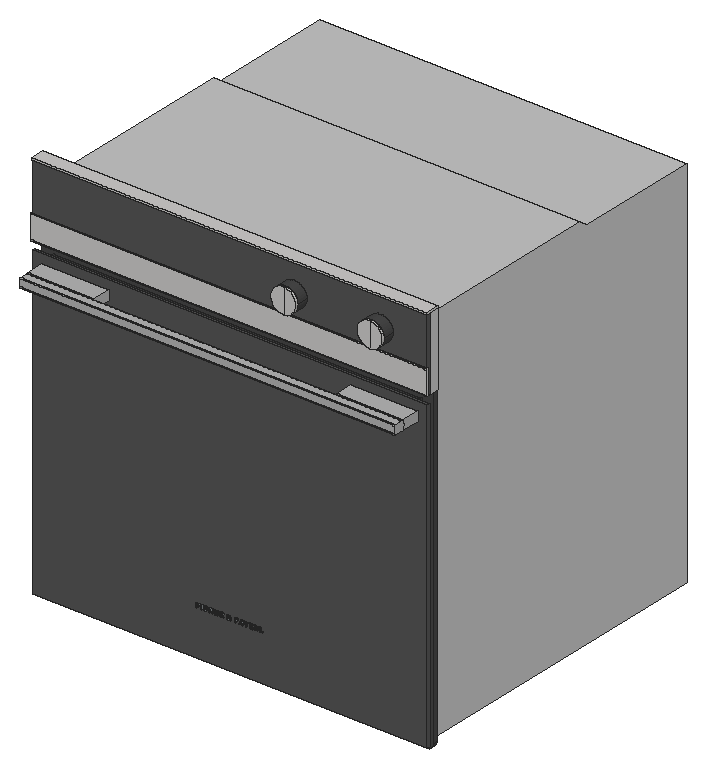
Revit family "FP-Revit18-OB60SC7CEPX3-Oven-0-AU-90002662A", category Specialty Equipment, Revit 2018
Family settings
  Round Connector Dimension = Use Diameter
  Part Type = Normal
  OmniClass Number = 23.40.40.14.17.11
  OmniClass Title = Cookers, Ovens, Stoves
  Work Plane-Based = No
  Always vertical = Yes
  Cut with Voids When Loaded = Yes
  Shared = No
  Room Calculation Point = No
Parameters (values of type "OB60SC7CEPX3")
  Visibility - Clearance Required = yes
  URL = "www.fisherpaykel.com"
  Product - Width = 597 mm  # constant formula
  Product - Height = 598 mm  # constant formula
  Product - Depth = 565 mm  # constant formula
  Model = "OB60SC7CEPX3"
  Material - Trim = Fisher & Paykel - Stainless Steel
  Material - Structure = Fisher & Paykel - Black
  Material - Logo = Fisher & Paykel - Graphics Grey
  Material - Handle = Fisher & Paykel - Aluminium
  Material - Glass = Fisher & Paykel - Glass, Black
  Material - Buttons and Dials = Fisher & Paykel - Stainless Steel
  Material - Body = Fisher & Paykel - Grey
  Manufacturer = "Fisher & Paykel Appliances"
  FFL Offset [instance] = 200 mm
  Description = "60cm Built-In Oven"
  Connector Note - Electrical = "220-240 V, 12.8-13.8 A, 50 Hz"
  Chassis - Width = 552 mm  # constant formula
  Chassis - Height = 575 mm  # constant formula
  Chassis - Depth = 545 mm  # constant formula
  Cavity - Width = 560 mm  # constant formula
  Cavity - Height = 580 mm  # constant formula
  Cavity - Depth = 550 mm  # constant formula
Reference planes
  plane 1 "Datum": y = 0
  plane 2: z = 0
  plane 3 "Center (Left/Right)": x = 0
  plane 4 "Cavity": z = 780
  plane 5 "Product Height": z = 798
  plane 6 "Product LHS": x = -298.5
  plane 7 "Product RHS": x = 298.5
  plane 8 "Cavity LHS": x = -300
  plane 9 "Cavity RHS": x = 300
  plane 10 "Cavity - Depth": y = 550
  plane 11 "Product Depth": y = 545
  plane 12 "Front Face": y = -20
  plane 13 "FFL Offset": z = 200
  plane 14 "Cavity Height": z = 800
Forms (mm)
  Extrusion 1, solid, material "Fisher & Paykel - Grey" <- "Material - Body"
    sketch origin (0, 0, 0) x (0, 1, 0) y (0, 0, 1)
      loop
        line (0, 200) -> (525, 200) -> (525, 393.99) -> (545, 413.99) -> (545, 609.73) -> (495, 659.73) -> (495, 764.6) -> (307.721, 764.6) -> (293.958, 775) -> (0, 775) -> (0, 200)
    from -276 to 276
  Extrusion 2, void
    sketch origin (0, 0, 0) x (1, 0, 0) y (0, 1, 0)
      loop
        line (-278.5, 495) -> (-229.63, 495) -> (-179.63, 545) -> (-278.5, 545) -> (-278.5, 495)
      loop
        line (278.5, 495) -> (278.5, 545) -> (94.617, 545) -> (114.617, 525) -> (199.13, 525) -> (229.13, 495) -> (278.5, 495)
    from 200 to 764.6
  Extrusion 3, solid, material "Fisher & Paykel - Stainless Steel" <- "Material - Trim"
    sketch origin (0, 0, 0) x (0, 1, 0) y (0, 0, 1)
      loop
        line (0, 798) -> (-20.5, 798) -> (-20.5, 795.1) -> (0, 795.1) -> (0, 798)
    from -297.35 to 297.35
  Extrusion 4, solid, material "Fisher & Paykel - Grey" <- "Material - Body"
    sketch origin (0, 0, 0) x (0, 1, 0) y (0, 0, 1)
      loop
        line (-16, 795.1) -> (-16, 685.199) -> (0, 685.199) -> (0, 795.1) -> (-16, 795.1)
    from -297.35 to 297.35
  Extrusion 5, solid, material "Fisher & Paykel - Glass, Black" <- "Material - Glass"
    sketch origin (0, 0, 0) x (1, 0, 0) y (0, 0, 1)
      loop
        line (-297.25, 673.199) -> (-297.25, 210.2) -> (297.25, 210.2) -> (297.25, 673.199) -> (-297.25, 673.199)
      loop
        line (-297.35, 686.052) -> (297.35, 686.052) -> (297.35, 794.5) -> (-297.35, 794.5) -> (-297.35, 686.052)
    from 16 to 20
  Extrusion 6, solid, material "Fisher & Paykel - Black" <- "Material - Structure"
    sketch origin (0, 0, 0) x (0, 1, 0) y (0, 0, 1)
      loop
        line (-13.8, 671.699) -> (-16, 671.699) -> (-16, 212.7) -> (-5, 212.7) -> (-5, 668.496) -> (-13.8, 671.699)
    from -277 to 277
  Extrusion 7, solid, material "Fisher & Paykel - Black" <- "Material - Structure"
    sketch origin (0, 0, 0) x (1, 0, 0) y (0, 0, 1)
      loop
        line (-295.5, 685.199) -> (-295.5, 209.536)
        arc (-295.5, 209.536) -> (-292.707, 202.793) -> (-285.964, 200) r 9.536
        line (-285.964, 200) -> (286, 200)
        arc (286, 200) -> (292.718, 202.782) -> (295.5, 209.5) r 9.5
        line (295.5, 209.5) -> (295.5, 685.199) -> (-295.5, 685.199)
    from 0 to 5
  Extrusion 8, solid, material "Fisher & Paykel - Clearance Required", visible <- "Visibility - Clearance Required", detail levels coarse
    sketch origin (0, 0, 0) x (0, 1, 0) y (0, 0, 1)
      loop
        line (0, 800) -> (-20, 800) -> (-20, 673.254)
        arc (-20, 673.254) -> (-320.822, 551.394) -> (-469.99, 263.137) r 467.908
        line (-469.99, 263.137) -> (-462.266, 262.194) -> (-467.348, 220.567) -> (-449.569, 218.396) -> (-444.479, 260.086) -> (-20, 208.26) -> (-20, 200) -> (0, 200) -> (0, 800)
    from -300 to 300
  Extrusion 9, solid, material "Fisher & Paykel - Clearance Required", visible <- "Visibility - Clearance Required", detail levels coarse
    sketch origin (0, 0, 0) x (1, 0, 0) y (0, 1, 0)
      loop
        line (-280, 0) -> (280, 0) -> (280, 550) -> (-280, 550) -> (-280, 0)
    from 200 to 780
  Extrusion 10, void
    sketch origin (0, 0, 0) x (1, 0, 0) y (0, 1, 0)
      loop
        line (-300, -20) -> (300, -20) -> (300, 0) -> (-300, 0) -> (-300, -20)
    from 200 to 800
  Extrusion 11, solid, material "Fisher & Paykel - Stainless Steel" <- "Material - Trim", detail levels fine
    sketch origin (0, 0, 0) x (0, 1, 0) y (0, 0, 1)
      loop
        line (-22.25, 722.193) -> (-22.25, 687.281)
        arc (-22.25, 687.281) -> (-21.89, 686.412) -> (-21.021, 686.052) r 1.229
        line (-21.021, 686.052) -> (-20, 686.052) -> (-20, 723.356) -> (-21.087, 723.356)
        arc (-21.087, 723.356) -> (-21.909, 723.015) -> (-22.25, 722.193) r 1.163
    from -298.5 to 298.5
  Extrusion 12, void
    sketch origin (0, 0, 0) x (1, 0, 0) y (0, 1, 0)
      loop
        line (-280, 550) -> (-280, 0) -> (280, 0) -> (280, 550) -> (-280, 550)
    from 200 to 780
  Extrusion 13, solid, material "Fisher & Paykel - Black"
    sketch origin (0, 0, 0) x (1, 0, 0) y (0, 0, 1)
      loop
        circle (226.999, 752.449) r 18.791
      loop
        circle (97, 752.449) r 18.791
    from 20 to 37.3
  Revolve 14, solid, material "Fisher & Paykel - Stainless Steel" <- "Material - Buttons and Dials", detail levels fine
    sketch origin (97, 0, 0) x (0, 1, 0) y (0, 0, 1)
      loop
        line (-40.3, 752.449) -> (-37.3, 752.449) -> (-37.3, 771.24) -> (-40.3, 771.24) -> (-40.3, 752.449)
      axis (-37.3, 752.449) -> (-40.3, 752.449)
    angle from 0 to 360
  Revolve 15, solid, material "Fisher & Paykel - Stainless Steel" <- "Material - Buttons and Dials", detail levels fine
    sketch origin (226.999, 0, 0) x (0, 1, 0) y (0, 0, 1)
      loop
        line (-40.3, 752.449) -> (-37.3, 752.449) -> (-37.3, 771.24) -> (-40.3, 771.24) -> (-40.3, 752.449)
      axis (-37.3, 752.449) -> (-40.3, 752.449)
    angle from 0 to 360
  Extrusion 16, solid, material "Fisher & Paykel - Aluminium" <- "Material - Handle", detail levels fine
    sketch origin (0, -21, 652.521) x (0, 1, 0) y (0, 0, 1)
      loop
        arc (-26.813, 6.16) -> (-27.196, 6.554) -> (-27.728, 6.686) r 1
        line (-27.728, 6.686) -> (-40.035, 6.256)
        arc (-40.035, 6.256) -> (-40.719, 5.951) -> (-41, 5.257) r 1
        line (-41, 5.257) -> (-41, -5.257)
        arc (-41, -5.257) -> (-40.719, -5.951) -> (-40.035, -6.256) r 1
        line (-40.035, -6.256) -> (-27.709, -6.686)
        arc (-27.709, -6.686) -> (-27.175, -6.554) -> (-26.792, -6.158) r 1
        arc (-26.792, -6.158) -> (-25.256, 0.004) -> (-26.813, 6.16) r 13.038
    from -282.5 to 282.5
  Extrusion 17, solid, material "Fisher & Paykel - Aluminium" <- "Material - Handle", detail levels fine
    sketch origin (0, -21, 652.521) x (0, 1, 0) y (0, 0, 1)
      loop
        arc (-26.626, -6.008) -> (-26.614, -6.49) -> (-26.2, -6.737) r 0.5
        line (-26.2, -6.737) -> (1, -7.732) -> (1, 7.741) -> (-26.174, 6.747)
        arc (-26.174, 6.747) -> (-26.587, 6.5) -> (-26.6, 6.019) r 0.5
        arc (-26.6, 6.019) -> (-25.156, 0.002) -> (-26.626, -6.008) r 13.136
    from 182.5 to 282.5
  Extrusion 18, solid, material "Fisher & Paykel - Aluminium" <- "Material - Handle", detail levels coarse+medium
    sketch origin (0, -21, 652.521) x (1, 0, 0) y (0, 1, 0)
      loop
        line (-282.5, -41) -> (282.5, -41) -> (282.5, 1) -> (182.5, 1) -> (182.5, -26.156) -> (-182.5, -26.156) -> (-182.5, 1) -> (-282.5, 1) -> (-282.5, -41)
    from -8.022 to 7.978
  Extrusion 19, solid, material "Fisher & Paykel - Aluminium" <- "Material - Handle", detail levels fine
    sketch origin (0, -21, 652.521) x (0, 1, 0) y (0, 0, 1)
      loop
        arc (-26.626, -6.008) -> (-26.614, -6.49) -> (-26.2, -6.737) r 0.5
        line (-26.2, -6.737) -> (1, -7.732) -> (1, 7.741) -> (-26.174, 6.747)
        arc (-26.174, 6.747) -> (-26.587, 6.5) -> (-26.6, 6.019) r 0.5
        arc (-26.6, 6.019) -> (-25.156, 0.002) -> (-26.626, -6.008) r 13.136
    from -282.5 to -182.5
  Extrusion 20, solid, material "Fisher & Paykel - Aluminium" <- "Material - Handle", not visible, detail levels fine
    sketch origin (0, -22, 652) x (0, 1, 0) y (0, 0, 1)
      loop
        arc (-26.813, 6.16) -> (-27.196, 6.554) -> (-27.728, 6.686) r 1
        line (-27.728, 6.686) -> (-40.035, 6.256)
        arc (-40.035, 6.256) -> (-40.719, 5.951) -> (-41, 5.257) r 1
        line (-41, 5.257) -> (-41, -5.257)
        arc (-41, -5.257) -> (-40.719, -5.951) -> (-40.035, -6.256) r 1
        line (-40.035, -6.256) -> (-27.709, -6.686)
        arc (-27.709, -6.686) -> (-27.175, -6.554) -> (-26.792, -6.158) r 1
        arc (-26.792, -6.158) -> (-25.256, 0.004) -> (-26.813, 6.16) r 13.038
    from -282.5 to 282.5
  Extrusion 21, solid, material "Fisher & Paykel - Aluminium" <- "Material - Handle", not visible, detail levels fine
    sketch origin (0, -22, 652) x (0, 1, 0) y (0, 0, 1)
      loop
        arc (-26.626, -6.008) -> (-26.614, -6.49) -> (-26.2, -6.737) r 0.5
        line (-26.2, -6.737) -> (1, -7.732) -> (1, 7.741) -> (-26.174, 6.747)
        arc (-26.174, 6.747) -> (-26.587, 6.5) -> (-26.6, 6.019) r 0.5
        arc (-26.6, 6.019) -> (-25.156, 0.002) -> (-26.626, -6.008) r 13.136
    from 182.5 to 282.5
  Extrusion 22, solid, material "Fisher & Paykel - Aluminium" <- "Material - Handle", not visible, detail levels coarse+medium
    sketch origin (0, -22, 652) x (1, 0, 0) y (0, 1, 0)
      loop
        line (-282.5, -41) -> (282.5, -41) -> (282.5, 1) -> (182.5, 1) -> (182.5, -26.156) -> (-182.5, -26.156) -> (-182.5, 1) -> (-282.5, 1) -> (-282.5, -41)
    from -8.022 to 7.978
  Extrusion 23, solid, material "Fisher & Paykel - Aluminium" <- "Material - Handle", not visible, detail levels fine
    sketch origin (0, -22, 652) x (0, 1, 0) y (0, 0, 1)
      loop
        arc (-26.626, -6.008) -> (-26.614, -6.49) -> (-26.2, -6.737) r 0.5
        line (-26.2, -6.737) -> (1, -7.732) -> (1, 7.741) -> (-26.174, 6.747)
        arc (-26.174, 6.747) -> (-26.587, 6.5) -> (-26.6, 6.019) r 0.5
        arc (-26.6, 6.019) -> (-25.156, 0.002) -> (-26.626, -6.008) r 13.136
    from -282.5 to -182.5
  Extrusion 24, solid, material "Fisher & Paykel - Graphics Grey" <- "Material - Logo", detail levels fine
    sketch origin (0, -20, 278.956) x (1, 0, 0) y (0, 0, 1)
      loop
        line (-50.044, 0) -> (-48.47, 0) -> (-48.47, 2.138) -> (-46.011, 2.138) -> (-46.011, 3.472) -> (-48.47, 3.472) -> (-48.47, 4.712) -> (-45.795, 4.712) -> (-45.795, 6.04) -> (-50.044, 6.04) -> (-50.044, 0)
      loop
        line (-42.804, 6.04) -> (-42.804, 0) -> (-41.23, 0) -> (-41.23, 6.04) -> (-42.804, 6.04)
      loop
        line (-30.724, 6.04) -> (-30.724, 0) -> (-29.151, 0) -> (-29.151, 2.42) -> (-26.839, 2.42) -> (-26.839, 0) -> (-25.265, 0) -> (-25.265, 6.04) -> (-26.839, 6.04) -> (-26.839, 3.748) -> (-29.151, 3.748) -> (-29.151, 6.04) -> (-30.724, 6.04)
      loop
        line (-21.906, 6.04) -> (-21.906, 0) -> (-17.602, 0) -> (-17.602, 1.328) -> (-20.347, 1.328) -> (-20.347, 2.42) -> (-17.838, 2.42) -> (-17.838, 3.748) -> (-20.347, 3.748) -> (-20.347, 4.712) -> (-17.602, 4.712) -> (-17.602, 6.04) -> (-21.906, 6.04)
      loop
        line (45.667, 6.04) -> (45.667, 0) -> (49.956, 0) -> (49.956, 1.328) -> (47.241, 1.328) -> (47.241, 6.04) -> (45.667, 6.04)
      loop
        line (42.431, 6.04) -> (38.112, 6.04) -> (38.112, 0) -> (42.431, 0) -> (42.431, 1.328) -> (39.687, 1.328) -> (39.687, 2.42) -> (42.195, 2.42) -> (42.195, 3.748) -> (39.687, 3.748) -> (39.687, 4.712) -> (42.431, 4.712) -> (42.431, 6.04)
      loop
        line (33.451, 3.148) -> (35.683, 6.04) -> (33.844, 6.04) -> (31.915, 3.542) -> (31.915, 6.04) -> (30.342, 6.04) -> (30.342, 0) -> (31.915, 0) -> (31.915, 2.705) -> (33.903, 0) -> (35.763, 0) -> (33.451, 3.148)
      loop
        line (21.98, 6.04) -> (24.262, 2.42) -> (24.262, 0) -> (25.837, 0) -> (25.837, 2.341) -> (28.119, 6.04) -> (26.446, 6.04) -> (25.099, 3.707) -> (23.753, 6.04) -> (21.98, 6.04)
      loop
        line (18.479, 6.04) -> (16.983, 6.04) -> (14.524, 0) -> (16.069, 0) -> (16.501, 1.112) -> (18.921, 1.112) -> (19.354, 0) -> (20.938, 0) -> (18.479, 6.04)
      loop
        line (18.4, 2.439) -> (17.693, 4.174) -> (17.018, 2.439) -> (18.4, 2.439)
      loop
        line (8.031, 6.04) -> (8.031, 0) -> (9.605, 0) -> (9.605, 1.938) -> (10.599, 1.938)
        arc (10.599, 1.938) -> (12.65, 3.989) -> (10.599, 6.04) r 2.051
        line (10.599, 6.04) -> (8.031, 6.04)
      loop
        line (9.605, 4.712) -> (9.605, 3.197) -> (10.501, 3.197)
        arc (10.501, 3.197) -> (11.259, 3.954) -> (10.501, 4.712) r 0.757
        line (10.501, 4.712) -> (9.605, 4.712)
      loop
        line (-11.783, 6.04) -> (-14.366, 6.04) -> (-14.366, 0) -> (-12.792, 0) -> (-12.792, 1.336) -> (-11.992, 1.336) -> (-10.972, 0) -> (-9.153, 0) -> (-10.694, 1.973)
        arc (-10.694, 1.973) -> (-9.678, 4.424) -> (-11.783, 6.04) r 2.179
      loop
        line (-11.897, 4.712) -> (-12.792, 4.712) -> (-12.792, 3.053) -> (-11.897, 3.053)
        arc (-11.897, 3.053) -> (-11.068, 3.882) -> (-11.897, 4.712) r 0.83
      loop
        line (0.477, 4.712) -> (0.477, 6.153) -> (-3.575, 6.153) -> (-3.575, 4.851) -> (-2.974, 4.112)
        arc (-2.974, 4.112) -> (-3.51, 0.684) -> (-0.045, 0.512) r 2.334
        line (-0.045, 0.512) -> (0.46, -0.109) -> (2.246, -0.109) -> (0.86, 1.594) -> (2.061, 3.324) -> (0.443, 3.324) -> (-0.013, 2.667) -> (-1.677, 4.712) -> (0.477, 4.712)
      loop
        arc (-2.125, 3.068) -> (-2.269, 1.668) -> (-0.868, 1.524) r 0.996
        line (-0.868, 1.524) -> (-2.125, 3.068)
      loop
        line (-35.18, 3.634) -> (-36.516, 3.91)
        arc (-36.516, 3.91) -> (-37.049, 4.443) -> (-36.516, 4.976) r 0.533
        arc (-36.516, 4.976) -> (-35.235, 4.79) -> (-34.059, 4.248) r 4.505
        line (-34.059, 4.248) -> (-34.059, 5.743)
        arc (-34.059, 5.743) -> (-35.549, 6.179) -> (-37.1, 6.109) r 4.726
        arc (-37.1, 6.109) -> (-38.536, 4.335) -> (-37.1, 2.561) r 1.814
        line (-37.1, 2.561) -> (-35.754, 2.282)
        arc (-35.754, 2.282) -> (-35.221, 1.749) -> (-35.754, 1.216) r 0.533
        arc (-35.754, 1.216) -> (-37.035, 1.402) -> (-38.211, 1.945) r 4.505
        line (-38.211, 1.945) -> (-38.211, 0.449)
        arc (-38.211, 0.449) -> (-36.72, 0.013) -> (-35.169, 0.083) r 4.726
        arc (-35.169, 0.083) -> (-33.734, 1.863) -> (-35.18, 3.634) r 1.814
    from 0 to 0.8
  Extrusion 25, solid, material "Fisher & Paykel - Grey" <- "Material - Body"
    sketch origin (154.861, 0, 0) x (0, 1, 0) y (0, 0, 1)
      loop
        circle (504.5, 703) r 4
    from -410 to -372.861
  Extrusion 26, solid, material "Fisher & Paykel - Grey" <- "Material - Body"
    sketch origin (154.861, 0, 0) x (0, 1, 0) y (0, 0, 1)
      loop
        line (495, 683) -> (514, 683) -> (514, 736) -> (495, 736) -> (495, 683)
    from -372.861 to -289.861
Cuts and joins
  Extrusion 2 cuts Extrusion 1
Lines and regions (mm)
  model lines, style "Fisher & Paykel"
    curve 1: line (217.5, -20, 334) -> (-217.5, -20, 334)
    curve 2: line (217.5, -20, 617.236) -> (217.5, -20, 334)
    curve 3: line (-217.5, -20, 617.236) -> (217.5, -20, 617.236)
    curve 4: line (-217.5, -20, 334) -> (-217.5, -20, 617.236)
Text (mm)
  text "Due to ongoing product development, product details are subject to change without notice. \nPlease always refer to www.fisherpaykel.com for the most current product information. \n© Fisher & Paykel 2020" at (40.64, -604.808, 0), in view "Ref. Level (Plan)"
Dimensions and locks
  equal spacing: plane 6 "Product LHS", plane 3 "Center (Left/Right)", plane 7 "Product RHS"
  "Product - Width": plane 6 "Product LHS" to plane 7 "Product RHS"
  equal spacing: plane 8 "Cavity LHS", plane 3 "Center (Left/Right)", plane 9 "Cavity RHS"
  "Cavity - Depth": plane 10 "Cavity - Depth" to plane 1 "Datum"
  "Chassis - Depth": plane 11 "Product Depth" to plane 1 "Datum"
  plane 12 "Front Face" to plane 1 "Datum" = 20 mm
  "Product - Depth": plane 11 "Product Depth" to plane 12 "Front Face"
  "FFL Offset": plane 13 "FFL Offset" to level
  "Product - Height": plane 5 "Product Height" to plane 13 "FFL Offset"
  "Cavity - Height": plane 4 "Cavity" to plane 13 "FFL Offset"
  Extrusion 5 to plane 13 "FFL Offset" = 10.2 mm
  Extrusion 6 to plane 13 "FFL Offset" = 12.7 mm
  locked: plane 5 "Product Height" to cut or joined group of Extrusion 1, Extrusion 2 at 33.4
  locked: Extrusion 8 sketch curve to plane 13 "FFL Offset" at 473.254
  locked: Extrusion 8 sketch curve to Extrusion 8 sketch curve at 42
  locked: Extrusion 8 sketch curve to Extrusion 8 sketch curve at 427.631
  locked: plane 14 "Cavity Height" to plane 13 "FFL Offset" at 600
  locked: Extrusion 18 to plane 13 "FFL Offset" at 460.499
  locked: Extrusion 24 to plane 13 "FFL Offset" at 78.847
  equal spacing: Extrusion 9, plane 3 "Center (Left/Right)", Extrusion 9
  "Cavity - Width": Extrusion 9 to Extrusion 9
  equal spacing: cut or joined group of Extrusion 1, Extrusion 2, plane 3 "Center (Left/Right)", cut or joined group of Extrusion 1, Extrusion 2
  "Chassis - Width": cut or joined group of Extrusion 1, Extrusion 2 to cut or joined group of Extrusion 1, Extrusion 2
  aligned and locked: level to plane 2
  aligned and locked: plane 8 "Cavity LHS" to Extrusion 8
  aligned and locked: Extrusion 8 to plane 9 "Cavity RHS"
  aligned and locked: Extrusion 1 sketch curve to plane 13 "FFL Offset"
  aligned and locked: Extrusion 1 to Extrusion 2
  aligned and locked: Extrusion 2 to Extrusion 1
  aligned and locked: plane 13 "FFL Offset" to Extrusion 8 sketch curve
  aligned and locked: plane 13 "FFL Offset" to Extrusion 7 sketch curve
  aligned and locked: Extrusion 12 to cut or joined group of Extrusion 1, Extrusion 2
  aligned and locked: plane 4 "Cavity" to Extrusion 12
  aligned and locked: plane 4 "Cavity" to Extrusion 9
  aligned and locked: Extrusion 9 to cut or joined group of Extrusion 1, Extrusion 2
  aligned and locked: Extrusion 10 to cut or joined group of Extrusion 1, Extrusion 2
  aligned and locked: Extrusion 10 to Extrusion 7
  aligned and locked: Extrusion 10 to Extrusion 8
  aligned and locked: plane 14 "Cavity Height" to Extrusion 10
  aligned and locked: Extrusion 12 to Extrusion 9  (x2)
Automatic sketch dimensions
  Extrusion 1 sketch curve to plane 1 "Datum" = 0 mm
  Extrusion 1 sketch curve to plane 11 "Product Depth" = 0 mm
  Extrusion 1 sketch curve to plane 4 "Cavity" = 5 mm
  Extrusion 1 sketch curve to plane 11 "Product Depth" = 251.042 mm
  Extrusion 1 sketch curve to Extrusion 1 sketch curve = 13.762 mm
  Extrusion 1 sketch curve to plane 4 "Cavity" = 15.4 mm
  Extrusion 1 sketch curve to plane 11 "Product Depth" = 50 mm
  Extrusion 1 sketch curve to plane 11 "Product Depth" = 20 mm
  Extrusion 1 sketch curve to Extrusion 1 sketch curve = 193.99 mm
  Extrusion 1 sketch curve to Extrusion 1 sketch curve = 20 mm
  Extrusion 1 sketch curve to Extrusion 1 sketch curve = 154.87 mm
  Extrusion 1 sketch curve to Extrusion 1 sketch curve = 50 mm
  Extrusion 2 sketch curve to plane 11 "Product Depth" = 0 mm  (x2)
  Extrusion 2 sketch curve to plane 6 "Product LHS" = 20 mm
  Extrusion 2 sketch curve to Extrusion 2 sketch curve = 48.87 mm
  Extrusion 2 sketch curve to Extrusion 2 sketch curve = 50 mm  (x3)
  plane 3 "Center (Left/Right)" to Extrusion 2 sketch curve = 94.617 mm
  Extrusion 2 sketch curve to Extrusion 2 sketch curve = 20 mm
  Extrusion 2 sketch curve to plane 11 "Product Depth" = 20 mm
  Extrusion 2 sketch curve to Extrusion 2 sketch curve = 84.513 mm
  Extrusion 2 sketch curve to Extrusion 2 sketch curve = 30 mm
  plane 7 "Product RHS" to Extrusion 2 sketch curve = 20 mm
  Extrusion 3 sketch curve to plane 1 "Datum" = 0 mm
  Extrusion 3 sketch curve to plane 12 "Front Face" = 0.5 mm
  Extrusion 3 sketch curve to plane 5 "Product Height" = 2.9 mm
  plane 5 "Product Height" to Extrusion 3 sketch curve = 0 mm
  Extrusion 4 sketch curve to plane 1 "Datum" = 0 mm
  plane 12 "Front Face" to Extrusion 4 sketch curve = 4 mm
  Extrusion 4 sketch curve to plane 4 "Cavity" = 94.801 mm
  Extrusion 4 sketch curve to plane 5 "Product Height" = 2.9 mm
  Extrusion 5 sketch curve to plane 6 "Product LHS" = 1.25 mm
  Extrusion 5 sketch curve to plane 6 "Product LHS" = 1.15 mm
  plane 7 "Product RHS" to Extrusion 5 sketch curve = 1.15 mm
  plane 7 "Product RHS" to Extrusion 5 sketch curve = 1.25 mm
  plane 13 "FFL Offset" to Extrusion 5 sketch curve = 10.2 mm
  Extrusion 5 sketch curve to plane 4 "Cavity" = 106.801 mm
  Extrusion 5 sketch curve to Extrusion 5 sketch curve = 12.853 mm
  Extrusion 5 sketch curve to plane 5 "Product Height" = 3.5 mm
  plane 12 "Front Face" to Extrusion 6 sketch curve = 4 mm
  Extrusion 6 sketch curve to Extrusion 6 sketch curve = 2.2 mm
  plane 1 "Datum" to Extrusion 6 sketch curve = 5 mm
  plane 13 "FFL Offset" to Extrusion 6 sketch curve = 12.7 mm
  Extrusion 6 sketch curve to plane 4 "Cavity" = 111.504 mm
  Extrusion 6 sketch curve to Extrusion 6 sketch curve = 3.203 mm
  Extrusion 7 sketch curve to plane 6 "Product LHS" = 3 mm
  Extrusion 7 sketch curve to Extrusion 7 sketch curve = 9.536 mm
  plane 7 "Product RHS" to Extrusion 7 sketch curve = 12.5 mm
  plane 7 "Product RHS" to Extrusion 7 sketch curve = 3 mm
  Extrusion 7 sketch curve to plane 4 "Cavity" = 94.801 mm
  Extrusion 9 sketch curve to plane 10 "Cavity - Depth" = 0 mm
  plane 1 "Datum" to Extrusion 9 sketch curve = 0 mm
  Extrusion 9 sketch curve to plane 6 "Product LHS" = 18.5 mm
  plane 7 "Product RHS" to Extrusion 9 sketch curve = 18.5 mm
  plane 1 "Datum" to Extrusion 10 sketch curve = 0 mm
  Extrusion 10 sketch curve to plane 8 "Cavity LHS" = 0 mm
  Extrusion 10 sketch curve to plane 9 "Cavity RHS" = 0 mm
  Extrusion 10 sketch curve to plane 12 "Front Face" = 0 mm
  Extrusion 11 sketch curve to plane 12 "Front Face" = 0 mm
  Extrusion 11 sketch curve to Extrusion 11 sketch curve = 1.021 mm
  Extrusion 11 sketch curve to plane 12 "Front Face" = 1.087 mm
  Extrusion 11 sketch curve to Extrusion 11 sketch curve = 1.229 mm
  Extrusion 11 sketch curve to plane 4 "Cavity" = 93.948 mm
  Extrusion 11 sketch curve to Extrusion 11 sketch curve = 34.912 mm
  plane 1 "Datum" to Extrusion 12 sketch curve = 0 mm
  Extrusion 12 sketch curve to plane 10 "Cavity - Depth" = 0 mm
  Extrusion 12 sketch curve to plane 6 "Product LHS" = 18.5 mm
  plane 7 "Product RHS" to Extrusion 12 sketch curve = 18.5 mm
  Revolve 14 sketch curve to plane 12 "Front Face" = 20.3 mm
  Revolve 14 sketch curve to Revolve 14 sketch curve = 3 mm
  Revolve 14 sketch curve to plane 4 "Cavity" = 27.551 mm
  Revolve 14 sketch curve to plane 4 "Cavity" = 8.76 mm
  Revolve 14 sketch curve to Revolve 14 sketch curve = 6.8 mm
  Revolve 14 sketch curve to Revolve 14 sketch curve = 3.2 mm
  Revolve 14 sketch curve to Revolve 14 sketch curve = 0 mm
  Revolve 15 sketch curve to plane 12 "Front Face" = 20.3 mm
  Revolve 15 sketch curve to Revolve 15 sketch curve = 3 mm
  Revolve 15 sketch curve to plane 4 "Cavity" = 27.551 mm
  Revolve 15 sketch curve to plane 4 "Cavity" = 8.76 mm
  Revolve 15 sketch curve to Revolve 15 sketch curve = 6.8 mm
  Revolve 15 sketch curve to Revolve 15 sketch curve = 3.2 mm
  Revolve 15 sketch curve to Revolve 15 sketch curve = 0 mm
  Extrusion 16 sketch curve to Extrusion 16 sketch curve = 0.965 mm  (x2)
  Extrusion 16 sketch curve to Extrusion 16 sketch curve = 0.035 mm  (x4)
  Extrusion 16 sketch curve to Extrusion 16 sketch curve = 1.706 mm
  Extrusion 16 sketch curve to Extrusion 16 sketch curve = 12.307 mm
  Extrusion 16 sketch curve to Extrusion 16 sketch curve = 12.326 mm
  Extrusion 16 sketch curve to Extrusion 16 sketch curve = 0.999 mm  (x2)
  Extrusion 16 sketch curve to Extrusion 16 sketch curve = 5.238 mm
  Extrusion 16 sketch curve to Extrusion 16 sketch curve = 0 mm
  Extrusion 17 sketch curve to Extrusion 17 sketch curve = 12.091 mm
  Extrusion 17 sketch curve to Extrusion 17 sketch curve = 0.018 mm  (x2)
  Extrusion 17 sketch curve to Extrusion 17 sketch curve = 0.008 mm
  Extrusion 17 sketch curve to Extrusion 17 sketch curve = 27.174 mm
  Extrusion 17 sketch curve to Extrusion 17 sketch curve = 15.473 mm
  Extrusion 17 sketch curve to Extrusion 17 sketch curve = 0.5 mm  (x2)
  Extrusion 17 sketch curve to Extrusion 17 sketch curve = 0 mm
  Extrusion 18 sketch curve to Extrusion 18 sketch curve = 14.844 mm
  Extrusion 18 sketch curve to Extrusion 18 sketch curve = 27.156 mm  (x2)
  Extrusion 19 sketch curve to Extrusion 19 sketch curve = 12.091 mm
  Extrusion 19 sketch curve to Extrusion 19 sketch curve = 0.018 mm  (x2)
  Extrusion 19 sketch curve to Extrusion 19 sketch curve = 0.008 mm
  Extrusion 19 sketch curve to Extrusion 19 sketch curve = 27.174 mm
  Extrusion 19 sketch curve to Extrusion 19 sketch curve = 15.473 mm
  Extrusion 19 sketch curve to Extrusion 19 sketch curve = 0.5 mm  (x2)
  Extrusion 19 sketch curve to Extrusion 19 sketch curve = 0 mm
  Extrusion 16 sketch curve to Extrusion 16 sketch curve = 0.43 mm
  Extrusion 16 sketch curve to Extrusion 16 sketch curve = 5.275 mm
  Extrusion 16 sketch curve to Extrusion 16 sketch curve = 11.374 mm
  Extrusion 17 sketch curve to Extrusion 17 sketch curve = 0.995 mm
  Extrusion 17 sketch curve to Extrusion 17 sketch curve = 6.268 mm
  Extrusion 17 sketch curve to Extrusion 17 sketch curve = 12.255 mm
  Extrusion 18 sketch curve to Extrusion 18 sketch curve = 100 mm  (x2)
  Extrusion 18 sketch curve to Extrusion 18 sketch curve = 365 mm
  Extrusion 19 sketch curve to Extrusion 19 sketch curve = 0.995 mm
  Extrusion 19 sketch curve to Extrusion 19 sketch curve = 6.268 mm
  Extrusion 19 sketch curve to Extrusion 19 sketch curve = 12.255 mm
  Extrusion 20 sketch curve to Extrusion 20 sketch curve = 0.965 mm  (x2)
  Extrusion 20 sketch curve to Extrusion 20 sketch curve = 0.035 mm  (x4)
  Extrusion 20 sketch curve to Extrusion 20 sketch curve = 1.706 mm
  Extrusion 20 sketch curve to Extrusion 20 sketch curve = 12.307 mm
  Extrusion 20 sketch curve to Extrusion 20 sketch curve = 12.326 mm
  Extrusion 20 sketch curve to Extrusion 20 sketch curve = 0.999 mm  (x2)
  Extrusion 20 sketch curve to Extrusion 20 sketch curve = 5.238 mm
  Extrusion 20 sketch curve to Extrusion 20 sketch curve = 0 mm
  Extrusion 21 sketch curve to Extrusion 21 sketch curve = 12.091 mm
  Extrusion 21 sketch curve to Extrusion 21 sketch curve = 0.018 mm  (x2)
  Extrusion 21 sketch curve to Extrusion 21 sketch curve = 0.008 mm
  Extrusion 21 sketch curve to Extrusion 21 sketch curve = 27.174 mm
  Extrusion 21 sketch curve to Extrusion 21 sketch curve = 15.473 mm
  Extrusion 21 sketch curve to Extrusion 21 sketch curve = 0.5 mm  (x2)
  Extrusion 21 sketch curve to Extrusion 21 sketch curve = 0 mm
  Extrusion 22 sketch curve to Extrusion 22 sketch curve = 14.844 mm
  Extrusion 22 sketch curve to Extrusion 22 sketch curve = 27.156 mm  (x2)
  Extrusion 23 sketch curve to Extrusion 23 sketch curve = 12.091 mm
  Extrusion 23 sketch curve to Extrusion 23 sketch curve = 0.018 mm  (x2)
  Extrusion 23 sketch curve to Extrusion 23 sketch curve = 0.008 mm
  Extrusion 23 sketch curve to Extrusion 23 sketch curve = 27.174 mm
  Extrusion 23 sketch curve to Extrusion 23 sketch curve = 15.473 mm
  Extrusion 23 sketch curve to Extrusion 23 sketch curve = 0.5 mm  (x2)
  Extrusion 23 sketch curve to Extrusion 23 sketch curve = 0 mm
  Extrusion 20 sketch curve to Extrusion 20 sketch curve = 0.43 mm
  Extrusion 20 sketch curve to Extrusion 20 sketch curve = 5.275 mm
  Extrusion 20 sketch curve to Extrusion 20 sketch curve = 11.374 mm
  Extrusion 21 sketch curve to Extrusion 21 sketch curve = 0.995 mm
  Extrusion 21 sketch curve to Extrusion 21 sketch curve = 6.268 mm
  Extrusion 21 sketch curve to Extrusion 21 sketch curve = 12.255 mm
  Extrusion 22 sketch curve to Extrusion 22 sketch curve = 100 mm  (x2)
  Extrusion 22 sketch curve to Extrusion 22 sketch curve = 365 mm
  Extrusion 23 sketch curve to Extrusion 23 sketch curve = 0.995 mm
  Extrusion 23 sketch curve to Extrusion 23 sketch curve = 6.268 mm
  Extrusion 23 sketch curve to Extrusion 23 sketch curve = 12.255 mm
  Extrusion 24 sketch curve to plane 6 "Product LHS" = 248.456 mm
  Extrusion 24 sketch curve to Extrusion 24 sketch curve = 1.574 mm  (x12)
  Extrusion 24 sketch curve to Extrusion 24 sketch curve = 2.459 mm
  Extrusion 24 sketch curve to Extrusion 24 sketch curve = 0.216 mm
  Extrusion 24 sketch curve to Extrusion 24 sketch curve = 3.207 mm
  Extrusion 24 sketch curve to Extrusion 24 sketch curve = 3.02 mm
  plane 13 "FFL Offset" to Extrusion 24 sketch curve = 81.516 mm
  Extrusion 24 sketch curve to Extrusion 24 sketch curve = 1.11 mm
  Extrusion 24 sketch curve to Extrusion 24 sketch curve = 0.379 mm
  Extrusion 24 sketch curve to Extrusion 24 sketch curve = 0.206 mm  (x2)
  Extrusion 24 sketch curve to Extrusion 24 sketch curve = 0.36 mm  (x2)
  Extrusion 24 sketch curve to Extrusion 24 sketch curve = 0.402 mm
  plane 13 "FFL Offset" to Extrusion 24 sketch curve = 81.238 mm
  Extrusion 24 sketch curve to Extrusion 24 sketch curve = 0 mm  (x19)
  plane 13 "FFL Offset" to Extrusion 24 sketch curve = 82.59 mm
  Extrusion 24 sketch curve to Extrusion 24 sketch curve = 1.335 mm  (x2)
  Extrusion 24 sketch curve to Extrusion 24 sketch curve = 1.121 mm
  Extrusion 24 sketch curve to Extrusion 24 sketch curve = 3.335 mm
  Extrusion 24 sketch curve to Extrusion 24 sketch curve = 2.312 mm  (x2)
  Extrusion 24 sketch curve to Extrusion 24 sketch curve = 3.359 mm
  Extrusion 24 sketch curve to Extrusion 24 sketch curve = 1.559 mm
  Extrusion 24 sketch curve to Extrusion 24 sketch curve = 2.508 mm  (x2)
  Extrusion 24 sketch curve to Extrusion 24 sketch curve = 0.236 mm  (x4)
  Extrusion 24 sketch curve to Extrusion 24 sketch curve = 3.236 mm  (x2)
  Extrusion 24 sketch curve to Extrusion 24 sketch curve = 0.8 mm
  Extrusion 24 sketch curve to Extrusion 24 sketch curve = 0.895 mm
  Extrusion 24 sketch curve to Extrusion 24 sketch curve = 0.114 mm
  Extrusion 24 sketch curve to Extrusion 24 sketch curve = 1.02 mm
  plane 13 "FFL Offset" to Extrusion 24 sketch curve = 80.929 mm
  Extrusion 24 sketch curve to Extrusion 24 sketch curve = 1.298 mm
  Extrusion 24 sketch curve to Extrusion 24 sketch curve = 1.82 mm
  Extrusion 24 sketch curve to Extrusion 24 sketch curve = 8.207 mm
  plane 13 "FFL Offset" to Extrusion 24 sketch curve = 83.067 mm
  Extrusion 24 sketch curve to Extrusion 24 sketch curve = 0.602 mm
  plane 13 "FFL Offset" to Extrusion 24 sketch curve = 82.024 mm
  Extrusion 24 sketch curve to Extrusion 24 sketch curve = 0.849 mm
  Extrusion 24 sketch curve to Extrusion 24 sketch curve = 0.425 mm
  Extrusion 24 sketch curve to Extrusion 24 sketch curve = 1.297 mm
  Extrusion 24 sketch curve to Extrusion 24 sketch curve = 0.203 mm
  plane 13 "FFL Offset" to Extrusion 24 sketch curve = 80.48 mm
  Extrusion 24 sketch curve to Extrusion 24 sketch curve = 0.628 mm
  plane 13 "FFL Offset" to Extrusion 24 sketch curve = 79.467 mm
  Extrusion 24 sketch curve to Extrusion 24 sketch curve = 0.824 mm
  plane 13 "FFL Offset" to Extrusion 24 sketch curve = 81.623 mm
  Extrusion 24 sketch curve to Extrusion 24 sketch curve = 0.855 mm
  plane 13 "FFL Offset" to Extrusion 24 sketch curve = 82.28 mm
  Extrusion 24 sketch curve to Extrusion 24 sketch curve = 0.456 mm
  Extrusion 24 sketch curve to Extrusion 24 sketch curve = 0.505 mm
  Extrusion 24 sketch curve to Extrusion 24 sketch curve = 0.034 mm  (x2)
  plane 13 "FFL Offset" to Extrusion 24 sketch curve = 80.55 mm
  Extrusion 24 sketch curve to Extrusion 24 sketch curve = 0.873 mm
  Extrusion 24 sketch curve to Extrusion 24 sketch curve = 1.618 mm
  plane 13 "FFL Offset" to Extrusion 24 sketch curve = 78.847 mm
  Extrusion 24 sketch curve to Extrusion 24 sketch curve = 1.785 mm
  Extrusion 24 sketch curve to Extrusion 24 sketch curve = 5.971 mm
  Extrusion 24 sketch curve to Extrusion 24 sketch curve = 0.896 mm
  Extrusion 24 sketch curve to Extrusion 24 sketch curve = 0.994 mm
  Extrusion 24 sketch curve to Extrusion 24 sketch curve = 3.925 mm
  Extrusion 24 sketch curve to Extrusion 24 sketch curve = 1.545 mm
  Extrusion 24 sketch curve to Extrusion 24 sketch curve = 0.433 mm  (x2)
  Extrusion 24 sketch curve to Extrusion 24 sketch curve = 0.482 mm
  Extrusion 24 sketch curve to Extrusion 24 sketch curve = 0.517 mm
  plane 13 "FFL Offset" to Extrusion 24 sketch curve = 83.13 mm
  Extrusion 24 sketch curve to Extrusion 24 sketch curve = 0.675 mm
  Extrusion 24 sketch curve to Extrusion 24 sketch curve = 1.381 mm
  plane 13 "FFL Offset" to Extrusion 24 sketch curve = 84.996 mm
  Extrusion 24 sketch curve to Extrusion 24 sketch curve = 1.495 mm
  Extrusion 24 sketch curve to Extrusion 24 sketch curve = 0.522 mm
  Extrusion 24 sketch curve to Extrusion 24 sketch curve = 1.584 mm
  Extrusion 24 sketch curve to Extrusion 24 sketch curve = 3.502 mm
  Extrusion 24 sketch curve to Extrusion 24 sketch curve = 1.772 mm
  Extrusion 24 sketch curve to Extrusion 24 sketch curve = 0.51 mm
  Extrusion 24 sketch curve to Extrusion 24 sketch curve = 0.837 mm
  Extrusion 24 sketch curve to Extrusion 24 sketch curve = 0.737 mm
  Extrusion 24 sketch curve to Extrusion 24 sketch curve = 2.694 mm
  Extrusion 24 sketch curve to Extrusion 24 sketch curve = 1.673 mm
  Extrusion 24 sketch curve to Extrusion 24 sketch curve = 2.223 mm
  Extrusion 24 sketch curve to Extrusion 24 sketch curve = 1.535 mm
  Extrusion 24 sketch curve to Extrusion 24 sketch curve = 1.928 mm
  Extrusion 24 sketch curve to Extrusion 24 sketch curve = 1.987 mm
  Extrusion 24 sketch curve to Extrusion 24 sketch curve = 1.839 mm
  Extrusion 24 sketch curve to Extrusion 24 sketch curve = 1.86 mm
  Extrusion 24 sketch curve to Extrusion 24 sketch curve = 2.429 mm
  Extrusion 24 sketch curve to Extrusion 24 sketch curve = 2.715 mm
  Extrusion 24 sketch curve to Extrusion 24 sketch curve = 2.561 mm
  Extrusion 24 sketch curve to Extrusion 24 sketch curve = 1.973 mm
  Extrusion 24 sketch curve to Extrusion 24 sketch curve = 0.109 mm  (x3)
  Extrusion 24 sketch curve to Extrusion 24 sketch curve = 4.174 mm
  Extrusion 24 sketch curve to Extrusion 24 sketch curve = 2.282 mm
  Extrusion 24 sketch curve to Extrusion 24 sketch curve = 2.111 mm
  Extrusion 24 sketch curve to Extrusion 24 sketch curve = 0.023 mm
  Extrusion 24 sketch curve to Extrusion 24 sketch curve = 1.112 mm
  Extrusion 24 sketch curve to Extrusion 24 sketch curve = 1.328 mm  (x10)
  Extrusion 24 sketch curve to Extrusion 24 sketch curve = 0.637 mm
  Extrusion 24 sketch curve to Extrusion 24 sketch curve = 0.795 mm
  Extrusion 24 sketch curve to Extrusion 24 sketch curve = 0.262 mm  (x2)
  Extrusion 24 sketch curve to Extrusion 24 sketch curve = 1.938 mm
  Extrusion 24 sketch curve to Extrusion 24 sketch curve = 0.616 mm
  Extrusion 24 sketch curve to Extrusion 24 sketch curve = 2.138 mm
  Extrusion 24 sketch curve to Extrusion 24 sketch curve = 2.341 mm
  Extrusion 24 sketch curve to Extrusion 24 sketch curve = 1.092 mm  (x2)
  Extrusion 24 sketch curve to Extrusion 24 sketch curve = 2.42 mm
  Extrusion 24 sketch curve to Extrusion 24 sketch curve = 0.079 mm
  Extrusion 24 sketch curve to Extrusion 24 sketch curve = 2.705 mm
  Extrusion 24 sketch curve to Extrusion 24 sketch curve = 1.716 mm
  Extrusion 24 sketch curve to Extrusion 24 sketch curve = 0.442 mm
  Extrusion 24 sketch curve to Extrusion 24 sketch curve = 1.259 mm
  Extrusion 24 sketch curve to Extrusion 24 sketch curve = 0.836 mm
  Extrusion 24 sketch curve to Extrusion 24 sketch curve = 1.287 mm
  Extrusion 24 sketch curve to Extrusion 24 sketch curve = 0.808 mm
  Extrusion 24 sketch curve to Extrusion 24 sketch curve = 0.022 mm
  Extrusion 24 sketch curve to Extrusion 24 sketch curve = 0.276 mm
  Extrusion 24 sketch curve to Extrusion 24 sketch curve = 0.757 mm
  Extrusion 24 sketch curve to Extrusion 24 sketch curve = 0.614 mm
  Extrusion 24 sketch curve to Extrusion 24 sketch curve = 0.424 mm
  Extrusion 24 sketch curve to Extrusion 24 sketch curve = 0.6 mm
  Extrusion 24 sketch curve to Extrusion 24 sketch curve = 0.964 mm  (x2)
  Extrusion 24 sketch curve to Extrusion 24 sketch curve = 1.24 mm
  Extrusion 24 sketch curve to Extrusion 24 sketch curve = 0.739 mm
  Extrusion 24 sketch curve to Extrusion 24 sketch curve = 0.744 mm
  Extrusion 24 sketch curve to Extrusion 24 sketch curve = 1.496 mm
  Extrusion 24 sketch curve to Extrusion 24 sketch curve = 2.292 mm  (x2)
  Extrusion 24 sketch curve to Extrusion 24 sketch curve = 2.892 mm
  Extrusion 24 sketch curve to Extrusion 24 sketch curve = 2.498 mm
  Extrusion 24 sketch curve to Extrusion 24 sketch curve = 1.302 mm
  Extrusion 13 sketch curve to plane 4 "Cavity" = 27.551 mm  (x2)
  plane 3 "Center (Left/Right)" to Extrusion 13 sketch curve = 97 mm
  plane 7 "Product RHS" to Extrusion 13 sketch curve = 71.501 mm
  Extrusion 25 sketch curve to plane 11 "Product Depth" = 40.5 mm
  Extrusion 25 sketch curve to plane 4 "Cavity" = 77 mm
  Extrusion 26 sketch curve to plane 11 "Product Depth" = 50 mm
  Extrusion 26 sketch curve to Extrusion 26 sketch curve = 19 mm
  Extrusion 26 sketch curve to plane 4 "Cavity" = 97 mm
  Extrusion 26 sketch curve to plane 4 "Cavity" = 44 mm
  plane 13 "FFL Offset" to curve 1 = 134 mm
  plane 7 "Product RHS" to curve 3 = 81 mm
  curve 3 to plane 4 "Cavity" = 162.764 mm
  curve 4 to plane 6 "Product LHS" = 81 mm
  Extrusion 8 sketch curve to plane 12 "Front Face" = 0 mm  (x2)
  Extrusion 8 sketch curve to plane 1 "Datum" = 0 mm
  Extrusion 8 sketch curve to plane 14 "Cavity Height" = 0 mm
  plane 13 "FFL Offset" to Extrusion 8 sketch curve = 60.086 mm
  Extrusion 8 sketch curve to Extrusion 8 sketch curve = 424.479 mm
  plane 13 "FFL Offset" to Extrusion 8 sketch curve = 62.194 mm
  Extrusion 8 sketch curve to Extrusion 8 sketch curve = 17.787 mm
  plane 13 "FFL Offset" to Extrusion 8 sketch curve = 63.137 mm
  plane 13 "FFL Offset" to Extrusion 8 sketch curve = 5.566 mm
  radius of Extrusion 13 sketch curve = 18.791 mm  (x2)
  radius of Extrusion 25 sketch curve = 4 mm
Connectors
  electrical at (-255.139, 504.5, 703), driven by "Connector Note - Electrical"
    settings: on Extrusion 25, index 1, voltage 230 V, apparent load 0 VA, apparent load phase1 0 VA, apparent load phase2 0 VA, apparent load phase3 0 VA, power factor 1, load classification "Other", number of poles 1, system type 30, power factor state 1, is connector primary yes, connector utility no, sub classification motor no, connector description "220-240 V, 12.8-13.8 A, 50 Hz"
